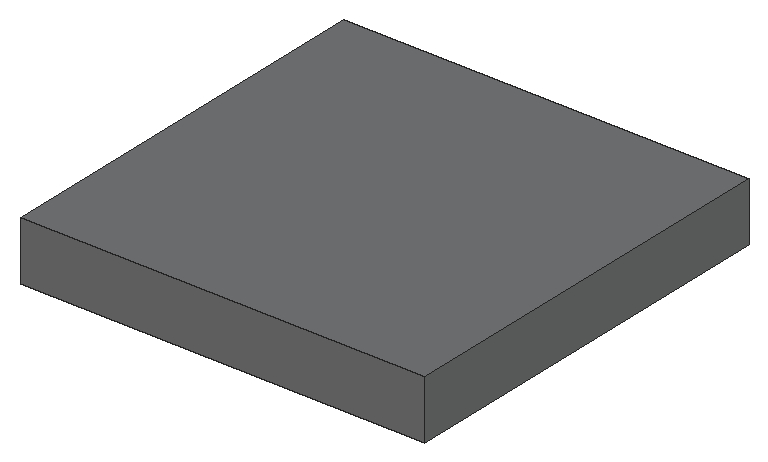
Revit family "Gira_067303", category Electrical Fixtures, host Face, Revit 2017
Family settings
  Host = Face
  Maintain Annotation Orientation = No
  Round Connector Dimension = Use Diameter
  Part Type = Normal
  Cut with Voids When Loaded = No
  Shared = No
  Room Calculation Point = No
Parameters (values of type "Wippe Symb. Klingel + BSF System 55 Reinweiß")
  Werkstoffgüte = "Thermoplast"
  Werkstoff = "Kunststoff"
  Verwendung = "Schalter/Taster"
  URL = "http://katalog.gira.de/de_DE/datenblatt.html?artikelnr=067303"
  Region = "DE"
  RAL-Nummer (ähnlich) = "9010 "
  Oberfläche = "sonstige"
  Name = "Wippe Symb. Klingel + BSF System 55 Reinweiß"
  Mit austauschbarer Linse/Symbol = "No"
  Mit Beschriftungsfeld = "Yes"
  Manufacturer URL = "https://www.gira.de/"
  Kontrollfenster/Lichtauslass = "No"
  Keynote = "Sys55_Abdeckung_Schalten und Tasten"
  HeinzeBIM = "https://bimportal.heinze.de/bim/wippe-symb-klingel-bsf-system-55-reinweiss/36efcc0518c4376b5141d87baa113feefac33848"
  Halogenfrei = "Yes"
  HAN = "067303"
  Geeignet für Schutzart (IP) = "IP20"
  Geeignet für Bussystem-Tasterankopplung = "No"
  GTIN = "4010337673033"
  Farbe = "weiß"
  Default Elevation = 1219.2 mm
  Data sheet (1) = "https://katalog.gira.de/de_DE/download.html?artikelnr=067303"
  Category = "Abdeckung/Bedienelement für Installationsschalterprogramme"
  Befestigungsart = "Klemmbefestigung"
  Available = "Yes"
  Ausführung der Oberfläche = "glänzend"
  Ausführung = "einteilige Wippe"
  Aufdruck/Kennzeichnung = "Symbol \"Klingel\""
  Anthrazit [instance] = Anthrazit
  Abtastbares Symbol/barrierefrei = "No"
Reference planes
  plane 1 "Center (Front/Back)": y = 0
  plane 2: z = 0
  plane 3 "Center (Left/Right)": x = 0
Forms (mm)
  Extrusion 1, solid, material "Anthrazit" <- "Anthrazit", detail levels fine
    sketch origin (0, 0, 0) x (1, 0, 0) y (0, 1, 0)
      loop
        line (-27.5, 27.5) -> (-27.5, -27.5) -> (27.5, -27.5) -> (27.5, 27.5) -> (-27.5, 27.5)
    from 0 to 8
  Extrusion 2, void
    sketch origin (0, 0, 0) x (1, 0, 0) y (0, 1, 0)
      loop
        line (26, 26) -> (-26, 26) -> (-26, -26) -> (26, -26) -> (26, 26)
    from 0 to 6
  Extrusion 3, solid, material "Anthrazit" <- "Anthrazit", detail levels medium
    sketch origin (0, 0, 0) x (1, 0, 0) y (0, 1, 0)
      loop
        line (-27.5, 27.5) -> (-27.5, -27.5) -> (27.5, -27.5) -> (27.5, 27.5) -> (-27.5, 27.5)
    from 0 to 8
  Extrusion 4, solid, material "Anthrazit" <- "Anthrazit", detail levels medium
    sketch origin (0, 0, 0) x (1, 0, 0) y (0, 1, 0)
      loop
        line (11, -17.5) -> (11, 17.5) -> (-11, 17.5) -> (-11, -17.5) -> (11, -17.5)
    from -6 to 6
  Extrusion 5, solid, material "Anthrazit" <- "Anthrazit", detail levels fine
    sketch origin (0, 0, 0) x (1, 0, 0) y (0, 1, 0)
      loop
        line (11, 17.5) -> (-11, 17.5) -> (-11, 16.5) -> (11, 16.5) -> (11, 17.5)
      loop
        line (-11, -16.5) -> (-11, -17.5) -> (11, -17.5) -> (11, -16.5) -> (-11, -16.5)
    from -4 to 6
  Extrusion 6, solid, material "Anthrazit" <- "Anthrazit", detail levels fine
    sketch origin (0, 0, 0) x (1, 0, 0) y (0, 1, 0)
      loop
        arc (5, 9.347) -> (0, 10.6) -> (-5, 9.347) r 10.6
        line (-5, 9.347) -> (-5, -9.347)
        arc (-5, -9.347) -> (0, -10.6) -> (5, -9.347) r 10.6
        line (5, -9.347) -> (5, 9.347)
    from -6 to 6
  Extrusion 7, solid, material "Anthrazit" <- "Anthrazit", detail levels coarse
    sketch origin (0, 0, 0) x (1, 0, 0) y (0, 1, 0)
      loop
        line (-27.5, 27.5) -> (-27.5, -27.5) -> (27.5, -27.5) -> (27.5, 27.5) -> (-27.5, 27.5)
    from -6 to 8
Cuts and joins
  Extrusion 2 cuts Extrusion 1
Dimensions and locks
  aligned and locked: plane 2 to host face
  aligned and locked: level to host face
